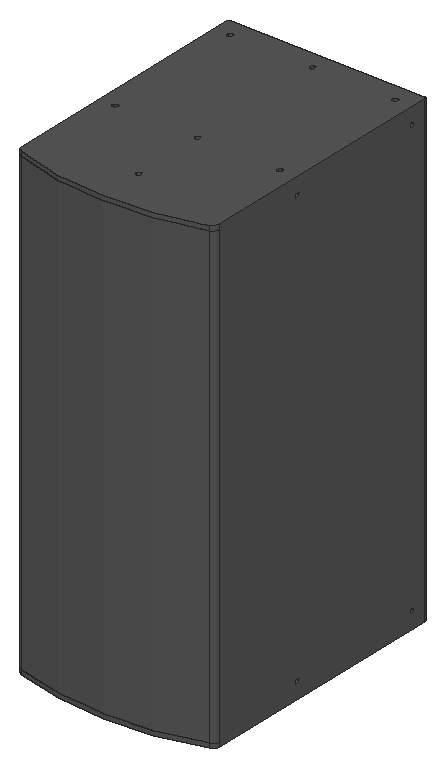
Revit family "1Electronics_Community_Biamp_Subwoofer_IS8-215", category Communication Devices, host Face, Revit 2020
Family settings
  Host = Face
  Maintain Annotation Orientation = No
  Round Connector Dimension = Use Diameter
  Part Type = Normal
  OmniClass Number = 23.85.10.11.14.14.14
  OmniClass Title = Loudspeakers
  Cut with Voids When Loaded = No
  Shared = No
  Room Calculation Point = No
Parameters (values of type "IS8-215 B")
  Width = 16.50"  # constant formula
  Weight = 114.00 lbf  # constant formula
  URL = "https://www.biamp.com/"
  Transducers = "2 x 15 (381mm) double-treated cones with 4 (102mm) voice coils, demodulation rings, neodymium construction"  # constant formula
  Shipping Weight = 135.00 lbf  # constant formula
  Recommended Amplifiers = "Single Amp - 2000W - 4000W @ 4 ohms,  (89V - 126V); Dual Amp - 1000W - 2000W @ 8 ohms,  (89V - 126V) (each driver)"  # constant formula
  Product data url = "https://bimobject.com/biamp/product/is8-215_community-subwoofer"
  Product Page URL = "https://www.biamp.com/products/product-families/community/community-subwoofers#is8-215"
  Product Documentation Link = "https://downloads.biamp.com/assets/docs/default-source/data-sheets/biamp_data_sheet_community_is8-215.pdf"
  Operating Range = "36 Hz to 140 Hz  "  # constant formula
  Operating Mode = "Single or Dual Amp"  # constant formula
  Operating Environment = "Indoor"  # constant formula
  Nominal Sensitivity = "Half Space - 1W: 102 dB - 2.83V: 105 dB; Whole Space - 1W: 96 dB - 2.83V: 99 dB"  # constant formula
  Nominal Maximum SPL = "Half Space - Peak: 141 dB - Continuous: 135 dB; Whole Space - Peak: 135 dB - Continuous: 129 dB"  # constant formula
  Mounting Points = "(24) M10 threaded rigging points"  # constant formula
  Model = "IS8-215 B"
  Manufacturer = "Biamp"  # constant formula
  Input Connection = "Screw terminal blocks (4-position)"  # constant formula
  Housing Material = Biamp - Plastic - Black
  Height = 39.00"  # constant formula
  Grill Material = Biamp - Plastic - Black(Grid)
  Equalized Sensitivity = "Half Space - 1W: 100 dB - 2.83V: 103 dB; Whole Space - 1W: 94 dB - 2.83V: 97 dB"  # constant formula
  Equalized Maximum SPL = "Half Space - Peak: 139 dB - Continuous: 133 dB; Whole Space - Peak: 133 dB - Continuous: 127 dB"  # constant formula
  Environmental = "Outdoor: IP55W per IEC 60529, MIL-STD-810G"  # constant formula
  Description = "IS8-215 High Power Dual 15-Inch Subwoofer"  # constant formula
  Depth = 23.35"  # constant formula
  Default Elevation = 48.00"
  Continuous Power Handling  Nominal Impedance = "Single Amp - 89V, 2000W @ 4 ohms (8000W peak); Dual Amp - 89V, 1000W @ 8 ohms (4000W peak) (each); "  # constant formula
Types (3): name | Model | Housing Material | Grill Material
  (no name) | "IS8-215 B" | Biamp - Plastic - Black | Biamp - Plastic - Black(Grid)
  IS8-215 B | "IS8-215 B" | Biamp - Plastic - Black | Biamp - Plastic - Black(Grid)
  IS8-215 W | "IS8-215 W" | Biamp - Plastic - White | Biamp - Plastic - White(Grid)
Reference planes (in)
  plane 1 "Center (Front/Back)": y = 0
  plane 2: z = 0
  plane 3 "Center (Left/Right)": x = 0
  plane 4: y = 11.675
  plane 5: y = -11.675
  plane 6: x = -8.25
  plane 7: x = 8.25
  plane 8: z = 39
  plane 9: z = 19.5
  plane 10: x = -7.875
  plane 11: y = 11.3
  plane 12: y = 11.4875
  plane 13: z = 38.625
  plane 14: z = 0.375
  plane 15: x = 7.875
  plane 16: y = -9.875
Forms (in)
  Extrusion 1, void
    sketch origin (0, 0, 0) x (1, 0, 0) y (0, 1, 0)
      loop
        circle (0, 10.115) r 0.21654
      loop
        circle (-6.87, 10.115) r 0.21654
      loop
        circle (6.87, 10.115) r 0.21654
      loop
        circle (0, -1.855) r 0.21654
      loop
        circle (-6.87, -1.855) r 0.21654
      loop
        circle (6.87, -1.855) r 0.21654
      loop
        circle (0, -7.975) r 0.21654
    from 38.625 to 39
  Extrusion 2, void
    sketch origin (0, 0, 0) x (0, 1, 0) y (0, 0, 1)
      loop
        circle (10.115, 1.38) r 0.21654
      loop
        circle (10.115, 37.63) r 0.21654
      loop
        circle (-1.855, 1.38) r 0.21654
      loop
        circle (-1.855, 37.63) r 0.21654
    from 7.875 to 8.25
  Extrusion 3, void
    sketch origin (0, 0, 0) x (1, 0, 0) y (0, 0, 1)
      loop
        circle (0, 37.62) r 0.21654
      loop
        circle (0, 1.38) r 0.21654
      loop
        line (2.005, 13.38) -> (-2.005, 13.38)
        arc (-2.005, 13.38) -> (-2.09339, 13.34339) -> (-2.13, 13.255) r 0.125
        line (-2.13, 13.255) -> (-2.13, 6.445)
        arc (-2.13, 6.445) -> (-2.09339, 6.35661) -> (-2.005, 6.32) r 0.125
        line (-2.005, 6.32) -> (2.005, 6.32)
        arc (2.005, 6.32) -> (2.09339, 6.35661) -> (2.13, 6.445) r 0.125
        line (2.13, 6.445) -> (2.13, 13.255)
        arc (2.13, 13.255) -> (2.09339, 13.34339) -> (2.005, 13.38) r 0.125
    from -11.675 to -11.3
  Extrusion 4, solid, material "Biamp - Plastic - Black" <- "Housing Material", detail levels medium+fine
    sketch origin (0, 0, -2.8) x (1, 0, 0) y (0, 0, 1)
      loop
        line (-0.5, 15.18) -> (-0.5, 14.93) -> (0.5, 14.93) -> (0.5, 15.18) -> (-0.5, 15.18)
      loop
        line (-0.5, 14.18) -> (-0.5, 13.93) -> (0.5, 13.93) -> (0.5, 14.18) -> (-0.5, 14.18)
    from -11.4875 to -11.3
  Extrusion 5, void
    sketch origin (0, 0, -19.42578) x (0, -1, 0) y (1, 0, 0)
      loop
        circle (-10.115, -6.87) r 0.21654
      loop
        circle (-10.115, 0) r 0.21654
      loop
        circle (-10.115, 6.87) r 0.21654
      loop
        circle (1.855, -6.87) r 0.21654
      loop
        circle (1.855, 0) r 0.21654
      loop
        circle (1.855, 6.87) r 0.21654
      loop
        circle (7.975, 0) r 0.21654
    from 19.42578 to 19.80078
  Extrusion 6, solid, material "Biamp - Plastic - Black" <- "Housing Material", detail levels medium+fine
    sketch origin (0, 0, 0) x (1, 0, 0) y (0, 1, 0)
      loop
        arc (-8.25, -9.875) -> (-8.10524, -10.19672) -> (-7.81389, -10.39566) r 0.65086
        arc (-7.81389, -10.39566) -> (0, -11.67523) -> (7.81389, -10.39566) r 24.49797
        arc (7.81389, -10.39566) -> (8.10524, -10.19672) -> (8.25, -9.875) r 0.65086
        line (8.25, -9.875) -> (8.25, 11.46673)
        arc (8.25, 11.46673) -> (8.189, 11.614) -> (8.04173, 11.675) r 0.20827
        line (8.04173, 11.675) -> (-8.09375, 11.675)
        arc (-8.09375, 11.675) -> (-8.20424, 11.62924) -> (-8.25, 11.51875) r 0.15625
        line (-8.25, 11.51875) -> (-8.25, -9.875)
    from 0 to 39
  Extrusion 7, solid, material "Biamp - Plastic - Black" <- "Housing Material", detail levels coarse
    sketch origin (0, 0, 0) x (1, 0, 0) y (0, 1, 0)
      loop
        arc (-8.25, -9.875) -> (-8.10524, -10.19672) -> (-7.81389, -10.39566) r 0.65086
        arc (-7.81389, -10.39566) -> (0, -11.67523) -> (7.81389, -10.39566) r 24.49797
        arc (7.81389, -10.39566) -> (8.10524, -10.19672) -> (8.25, -9.875) r 0.65086
        line (8.25, -9.875) -> (8.25, 11.46673)
        arc (8.25, 11.46673) -> (8.189, 11.614) -> (8.04173, 11.675) r 0.20827
        line (8.04173, 11.675) -> (-8.09375, 11.675)
        arc (-8.09375, 11.675) -> (-8.20424, 11.62924) -> (-8.25, 11.51875) r 0.15625
        line (-8.25, 11.51875) -> (-8.25, -9.875)
    from 0 to 39
  Extrusion 8, solid, material "Biamp - Plastic - Black(Grid)" <- "Grill Material", detail levels medium+fine
    sketch origin (0, 0, 0) x (1, 0, 0) y (0, 1, 0)
      loop
        arc (7.81389, -10.39566) -> (8.10524, -10.19672) -> (8.25, -9.875) r 0.65086
        line (8.25, -9.875) -> (-8.25, -9.875)
        arc (-8.25, -9.875) -> (-8.10524, -10.19672) -> (-7.81389, -10.39566) r 0.65086
        arc (-7.81389, -10.39566) -> (0, -11.67523) -> (7.81389, -10.39566) r 24.49797
    from 0.375 to 38.625
  Extrusion 9, void
    sketch origin (0, 0, 0) x (1, 0, 0) y (0, 1, 0)
      loop
        line (-9.25, -9.875) -> (-9.25, -12.3237) -> (8.74035, -12.3237) -> (8.74035, -9.875) -> (-9.25, -9.875)
    from 0.375 to 38.625
  Extrusion 10, void
    sketch origin (0, 0, 0) x (0, 1, 0) y (0, 0, -1)
      loop
        circle (10.115, -1.38) r 0.21654
      loop
        circle (10.115, -37.63) r 0.21654
      loop
        circle (-1.855, -1.38) r 0.21654
      loop
        circle (-1.855, -37.63) r 0.21654
    from 7.875 to 8.25
Cuts and joins
  Extrusion 1, Extrusion 2, Extrusion 3, Extrusion 5, Extrusion 9, Extrusion 10 cuts Extrusion 6
  Extrusion 10 cuts Extrusion 7
Lines and regions (in)
  Masking region 1
    outline origin (0, 0, 0) x (1, 0, 0) y (0, 0, 1)
      loop
        line (-8.25006, 39) -> (-8.25006, 0) -> (8.25006, 0) -> (8.25006, 39) -> (-8.25006, 39)
  Masking region 2
    outline origin (0, 0, 0) x (0, 1, 0) y (0, 0, 1)
      loop
        line (-11.675, 39) -> (-11.675, 0) -> (11.675, 0) -> (11.675, 39) -> (-11.675, 39)
  Masking region 3
    outline origin (0, 0, 0) x (1, 0, 0) y (0, 1, 0)
      loop
        line (8.25, -9.875) -> (8.25, 11.46673)
        arc (8.25, 11.46673) -> (8.189, 11.614) -> (8.04173, 11.675) r 0.20827
        line (8.04173, 11.675) -> (-8.09375, 11.675)
        arc (-8.09375, 11.675) -> (-8.20424, 11.62924) -> (-8.25, 11.51875) r 0.15625
        line (-8.25, 11.51875) -> (-8.25, -9.875)
        arc (-8.25, -9.875) -> (-8.10524, -10.19672) -> (-7.81389, -10.39566) r 0.65086
        arc (-7.81389, -10.39566) -> (0, -11.67523) -> (7.81389, -10.39566) r 24.49797
        arc (7.81389, -10.39566) -> (8.10524, -10.19672) -> (8.25, -9.875) r 0.65086
  symbolic lines
    curve 1: arc (-6.65346, 10.115, 0) -> (-6.87, 9.89846, 0) -> (-7.08654, 10.115, 0) r 0.21654
    curve 2: arc (-7.08654, 10.115, 0) -> (-6.87, 10.33154, 0) -> (-6.65346, 10.115, 0) r 0.21654
    curve 3: arc (0.21654, 10.115, 0) -> (0, 9.89846, 0) -> (-0.21654, 10.115, 0) r 0.21654
    curve 4: arc (-0.21654, 10.115, 0) -> (0, 10.33154, 0) -> (0.21654, 10.115, 0) r 0.21654
    curve 5: arc (6.65346, 10.115, 0) -> (6.87, 9.89846, 0) -> (7.08654, 10.115, 0) r 0.21654
    curve 6: arc (7.08654, 10.115, 0) -> (6.87, 10.33154, 0) -> (6.65346, 10.115, 0) r 0.21654
    curve 7: arc (-6.65346, -1.855, 0) -> (-6.87, -2.07154, 0) -> (-7.08654, -1.855, 0) r 0.21654
    curve 8: arc (-7.08654, -1.855, 0) -> (-6.87, -1.63846, 0) -> (-6.65346, -1.855, 0) r 0.21654
    curve 9: arc (0.21654, -1.855, 0) -> (0, -2.07154, 0) -> (-0.21654, -1.855, 0) r 0.21654
    curve 10: arc (-0.21654, -1.855, 0) -> (0, -1.63846, 0) -> (0.21654, -1.855, 0) r 0.21654
    curve 11: arc (6.65346, -1.855, 0) -> (6.87, -2.07154, 0) -> (7.08654, -1.855, 0) r 0.21654
    curve 12: arc (7.08654, -1.855, 0) -> (6.87, -1.63846, 0) -> (6.65346, -1.855, 0) r 0.21654
    curve 13: arc (0.21654, -7.975, 0) -> (0, -8.19154, 0) -> (-0.21654, -7.975, 0) r 0.21654
    curve 14: arc (-0.21654, -7.975, 0) -> (0, -7.75846, 0) -> (0.21654, -7.975, 0) r 0.21654
Dimensions and locks (in)
  equal spacing: plane 5, plane 1 "Center (Front/Back)", plane 4
  "Depth": plane 4 to plane 5
  equal spacing: plane 6, plane 3 "Center (Left/Right)", plane 7
  "Width": plane 6 to plane 7
  "Height": plane 8 to plane 2
  equal spacing: plane 8, plane 9, plane 2
  plane 6 to plane 10 = 0.375"
  locked: plane 11 to plane 4 at 0.375
  equal spacing: plane 11, plane 12, plane 4
  locked: plane 8 to plane 13 at 0.375
  locked: plane 14 to plane 2 at 0.375
  locked: plane 15 to plane 7 at 0.375
  locked: plane 16 to plane 5 at 1.8
  aligned and locked: plane 2 to host face
  aligned and locked: level to host face
  aligned and locked: plane 8 to Extrusion 1
  aligned and locked: plane 7 to Extrusion 2
  aligned and locked: Extrusion 3 to plane 4
  aligned and locked: plane 8 to Extrusion 6
  aligned and locked: Extrusion 6 to plane 2
  aligned and locked: plane 11 to Extrusion 4
  aligned and locked: Extrusion 4 to plane 12
  aligned and locked: plane 15 to Extrusion 2
  aligned and locked: plane 8 to Extrusion 7
  aligned and locked: Extrusion 7 to plane 2
  aligned and locked: plane 13 to Extrusion 8
  aligned and locked: plane 14 to Extrusion 8
  aligned and locked: plane 13 to Extrusion 9
Automatic sketch dimensions
  host sketch curve to host sketch curve = 96.00"  (x2)
  Extrusion 4 sketch curve to plane 3 "Center (Left/Right)" = 0.50"  (x2)
  plane 3 "Center (Left/Right)" to Extrusion 4 sketch curve = 0.50"  (x2)
  Extrusion 4 sketch curve to plane 9 = 8.37"
  Extrusion 4 sketch curve to Extrusion 4 sketch curve = 0.25"  (x2)
  Extrusion 4 sketch curve to Extrusion 4 sketch curve = 0.75"
  curve 1 to curve 2 = 0.00"  (x2)
  curve 3 to curve 4 = 0.00"  (x2)
  curve 5 to curve 6 = 0.00"  (x2)
  curve 7 to curve 8 = 0.00"  (x2)
  curve 9 to curve 10 = 0.00"  (x2)
  curve 11 to curve 12 = 0.00"  (x2)
  curve 13 to curve 14 = 0.00"  (x2)
  curve 10 to plane 3 "Center (Left/Right)" = 0.00"
  curve 13 to plane 3 "Center (Left/Right)" = 0.00"
  curve 3 to plane 3 "Center (Left/Right)" = 0.00"
  plane 10 to curve 7 = 1.005"
  plane 10 to curve 1 = 1.005"
  plane 15 to curve 5 = 1.005"
  plane 15 to curve 11 = 1.005"
  plane 16 to curve 14 = 1.90"
  plane 1 "Center (Front/Back)" to curve 12 = 1.855"
  plane 1 "Center (Front/Back)" to curve 10 = 1.855"
  plane 1 "Center (Front/Back)" to curve 7 = 1.855"
  plane 11 to curve 6 = 1.185"
  plane 11 to curve 4 = 1.185"
  plane 11 to curve 2 = 1.185"
  curve 10 to curve 9 = 0.21654"
  curve 3 to curve 3 = 0.21654"
  curve 13 to curve 13 = 0.21654"
  curve 7 to curve 7 = 0.21654"
  curve 1 to curve 1 = 0.21654"
  curve 5 to curve 5 = 0.21654"
  curve 11 to curve 11 = 0.21654"
  Extrusion 1 sketch curve to plane 3 "Center (Left/Right)" = 0.00"  (x3)
  plane 10 to Extrusion 1 sketch curve = 1.005"  (x2)
  plane 15 to Extrusion 1 sketch curve = 1.005"  (x2)
  plane 16 to Extrusion 1 sketch curve = 1.90"
  plane 1 "Center (Front/Back)" to Extrusion 1 sketch curve = 1.855"  (x3)
  plane 11 to Extrusion 1 sketch curve = 1.185"  (x3)
  plane 1 "Center (Front/Back)" to Extrusion 2 sketch curve = 1.855"  (x2)
  plane 11 to Extrusion 2 sketch curve = 1.185"  (x2)
  Extrusion 2 sketch curve to plane 14 = 1.005"  (x2)
  Extrusion 2 sketch curve to plane 13 = 0.995"  (x2)
  Extrusion 3 sketch curve to plane 3 "Center (Left/Right)" = 0.00"  (x2)
  Extrusion 3 sketch curve to plane 3 "Center (Left/Right)" = 2.005"  (x2)
  Extrusion 3 sketch curve to Extrusion 3 sketch curve = 0.125"  (x2)
  plane 3 "Center (Left/Right)" to Extrusion 3 sketch curve = 2.005"  (x2)
  Extrusion 3 sketch curve to plane 14 = 1.005"
  Extrusion 3 sketch curve to Extrusion 3 sketch curve = 4.94"
  Extrusion 3 sketch curve to plane 9 = 6.245"
  Extrusion 3 sketch curve to plane 13 = 1.005"
  Extrusion 5 sketch curve to Extrusion 5 sketch curve = 0.00"  (x14)
  Extrusion 5 sketch curve to plane 3 "Center (Left/Right)" = 0.00"  (x3)
  plane 11 to Extrusion 5 sketch curve = 1.185"  (x3)
  plane 1 "Center (Front/Back)" to Extrusion 5 sketch curve = 1.855"  (x3)
  plane 16 to Extrusion 5 sketch curve = 1.90"
  plane 10 to Extrusion 5 sketch curve = 1.005"  (x2)
  plane 15 to Extrusion 5 sketch curve = 1.005"  (x2)
  Extrusion 5 sketch curve to Extrusion 5 sketch curve = 0.21654"  (x7)
  Masking region 1 sketch curve to level = 0.00"
  Masking region 1 sketch curve to plane 8 = 0.00"
  Masking region 1 sketch curve to plane 6 = 0.00006"
  plane 7 to Masking region 1 sketch curve = 0.00006"
  Masking region 2 sketch curve to level = 0.00"
  Masking region 2 sketch curve to plane 5 = 0.00"
  Masking region 2 sketch curve to plane 4 = 0.00"
  Masking region 2 sketch curve to plane 8 = 0.00"
  Extrusion 8 sketch curve to plane 6 = 0.00"
  Extrusion 8 sketch curve to plane 3 "Center (Left/Right)" = 0.00"
  Extrusion 8 sketch curve to plane 7 = 0.00"
  plane 10 to Extrusion 8 sketch curve = 0.26871"
  plane 15 to Extrusion 8 sketch curve = 0.26871"
  plane 5 to Extrusion 8 sketch curve = 1.89621"  (x2)
  Extrusion 8 sketch curve to Extrusion 8 sketch curve = 0.09621"
  Extrusion 8 sketch curve to plane 11 = 1.52274"
  Extrusion 8 sketch curve to Extrusion 8 sketch curve = 0.00"
  Extrusion 9 sketch curve to plane 16 = 0.00"
  Extrusion 9 sketch curve to plane 6 = 1.00"
  plane 7 to Extrusion 9 sketch curve = 0.49035"
  Extrusion 9 sketch curve to plane 5 = 0.6487"
  plane 1 "Center (Front/Back)" to Extrusion 10 sketch curve = 1.855"  (x2)
  plane 11 to Extrusion 10 sketch curve = 1.185"  (x2)
  Extrusion 10 sketch curve to plane 13 = 0.995"  (x2)
  Extrusion 10 sketch curve to plane 14 = 1.005"  (x2)
  Masking region 3 sketch curve to plane 6 = 0.00"
  plane 4 to Masking region 3 sketch curve = 0.00"
  Masking region 3 sketch curve to plane 7 = 0.00"
  Masking region 3 sketch curve to plane 16 = 0.00"  (x2)
  plane 6 to Masking region 3 sketch curve = 0.15625"
  plane 12 to Masking region 3 sketch curve = 0.02077"
  Masking region 3 sketch curve to plane 3 "Center (Left/Right)" = 0.00"
  plane 16 to Masking region 3 sketch curve = 0.09621"  (x2)
  plane 10 to Masking region 3 sketch curve = 0.26871"
  plane 15 to Masking region 3 sketch curve = 0.26871"
  Masking region 3 sketch curve to plane 4 = 1.14774"
  Masking region 3 sketch curve to Masking region 3 sketch curve = 0.00"
  Extrusion 7 sketch curve to plane 6 = 0.00"
  plane 4 to Extrusion 7 sketch curve = 0.00"
  Extrusion 7 sketch curve to plane 3 "Center (Left/Right)" = 0.00"
  Extrusion 7 sketch curve to plane 7 = 0.00"
  Extrusion 7 sketch curve to plane 16 = 0.00"  (x2)
  plane 6 to Extrusion 7 sketch curve = 0.15625"
  plane 16 to Extrusion 7 sketch curve = 0.09621"  (x2)
  plane 10 to Extrusion 7 sketch curve = 0.26871"
  plane 15 to Extrusion 7 sketch curve = 0.26871"
  Extrusion 7 sketch curve to plane 15 = 0.16673"
  Extrusion 7 sketch curve to plane 4 = 1.14774"
  Extrusion 7 sketch curve to Extrusion 7 sketch curve = 0.00"
  Extrusion 6 sketch curve to plane 6 = 0.00"
  plane 4 to Extrusion 6 sketch curve = 0.00"
  Extrusion 6 sketch curve to plane 3 "Center (Left/Right)" = 0.00"
  Extrusion 6 sketch curve to plane 7 = 0.00"
  Extrusion 6 sketch curve to plane 16 = 0.00"  (x2)
  plane 6 to Extrusion 6 sketch curve = 0.15625"
  plane 16 to Extrusion 6 sketch curve = 0.09621"  (x2)
  plane 10 to Extrusion 6 sketch curve = 0.26871"
  plane 15 to Extrusion 6 sketch curve = 0.26871"
  Extrusion 6 sketch curve to plane 15 = 0.16673"
  Extrusion 6 sketch curve to plane 4 = 1.14774"
  Extrusion 6 sketch curve to Extrusion 6 sketch curve = 0.00"
  radius of Extrusion 1 sketch curve = 0.21654"  (x7)
  radius of Extrusion 2 sketch curve = 0.21654"  (x4)
  radius of Extrusion 3 sketch curve = 0.21654"  (x2)
  radius of Extrusion 10 sketch curve = 0.21654"  (x4)
Connectors (in)
  electrical at (0.25, 11.4875, 12.25539)
    settings: on Extrusion 4, index 1, voltage 0 V, apparent load 0 VA, apparent load phase1 0 VA, apparent load phase2 0 VA, apparent load phase3 0 VA, power factor 1, load classification "Other", number of poles 1, system type 5, power factor state 1, is connector primary yes, connector utility no, sub classification motor no, connector description "Screw terminal blocks; LF 1"
  electrical at (0.25, 11.4875, 11.25539)
    settings: on Extrusion 4, index 2, voltage 0 V, apparent load 0 VA, apparent load phase1 0 VA, apparent load phase2 0 VA, apparent load phase3 0 VA, power factor 1, load classification "Other", number of poles 1, system type 5, power factor state 1, is connector primary no, connector utility no, sub classification motor no, connector description "Screw terminal blocks; LF 2"
  electrical at (-0.25, 11.4875, 12.25539)
    settings: on Extrusion 4, index 3, voltage 0 V, apparent load 0 VA, apparent load phase1 0 VA, apparent load phase2 0 VA, apparent load phase3 0 VA, power factor 1, load classification "Other", number of poles 1, system type 5, power factor state 1, is connector primary no, connector utility no, sub classification motor no, connector description "Screw terminal blocks; LF 1"
  electrical at (-0.25, 11.4875, 11.25539)
    settings: on Extrusion 4, index 4, voltage 0 V, apparent load 0 VA, apparent load phase1 0 VA, apparent load phase2 0 VA, apparent load phase3 0 VA, power factor 1, load classification "Other", number of poles 1, system type 5, power factor state 1, is connector primary no, connector utility no, sub classification motor no, connector description "Screw terminal blocks; LF 2"
